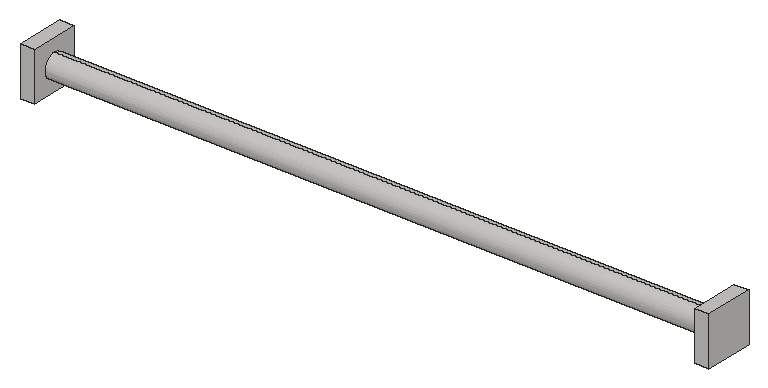
Revit family "RBA BIM - B6047", category Specialty Equipment, Revit 2013
Parameters (values of type "B-6047.36")
  URL = "www.rba.com.au"
  Type Comments = ""
  Shower Rod Length = 0.9144 m
  Radius = 0.015875 m
  Product Page URL = ""
  Product Name = "Classic Series Extra-Heavy-Duty Shower Curtain Rod"
  Mounting Height [instance] = 1.524 m
  Model = "B-6047"
  Manufacturer = "RBA Group"
  Finish Material = Stainless Steel-Bobrick
  Assembly Code = "C1030200"
Types (5, lengths in m): name | Shower Rod Length
  (no name) | 0.9144
  B-6047.36 | 0.9144
  B-6047.48 | 1.2192
  B-6047.60 | 1.524
  B-6047.72 | 1.8288
Reference planes (m)
  plane 1 "Center (Front/Back)": y = 0
  plane 2: z = 0
  plane 3 "Center (Left/Right)": x = 0
  plane 4: z = 1.524
  plane 5: x = -0.4572
  plane 6: x = 0.4572
  plane 7: y = 0.032544
  plane 8: y = -0.032544
  plane 9: x = -0.43815
  plane 10: z = 1.556544
  plane 11: z = 1.491456
  plane 12: x = 0.43815
Forms (m)
  Sweep 1, solid, material "Stainless Steel-Bobrick" <- "Finish Material"
    path origin (0, 0, 0) x (1, 0, 0) y (0, 0, 1)
      loop
        line (0.4572, 1.524) -> (-0.4572, 1.524)
    profile origin (0, 0, 1.524) x (0, 0, -1) y (0, -1, 0)
      loop
        circle (0, 0) r 0.015875
  Extrusion 2, solid, material "Stainless Steel-Bobrick" <- "Finish Material"
    sketch origin (0, 0, 0) x (0, 1, 0) y (0, 0, 1)
      loop
        line (0.032544, 1.556544) -> (-0.032544, 1.556544) -> (-0.032544, 1.491456) -> (0.032544, 1.491456) -> (0.032544, 1.556544)
    from 0.43815 to 0.4572
  Extrusion 3, solid, material "Stainless Steel-Bobrick" <- "Finish Material"
    sketch origin (0, 0, 0) x (0, 1, 0) y (0, 0, -1)
      loop
        line (0.032544, -1.556544) -> (0.032544, -1.491456) -> (-0.032544, -1.491456) -> (-0.032544, -1.556544) -> (0.032544, -1.556544)
    from 0.43815 to 0.4572
Cuts and joins
  joined: Sweep 1, Extrusion 2, Extrusion 3
Lines and regions (m)
  Masking region 1
    outline origin (0, 0, 0) x (0, 1, 0) y (0, 0, 1)
      loop
        circle (0, 1.524) r 0.015875
  Masking region 2
    outline origin (0, 0, 0) x (1, 0, 0) y (0, 0, 1)
      loop
        line (0.43815, 1.491456) -> (0.4572, 1.491456) -> (0.4572, 1.556544) -> (0.43815, 1.556544) -> (0.43815, 1.539875) -> (-0.43815, 1.539875) -> (-0.43815, 1.556544) -> (-0.4572, 1.556544) -> (-0.4572, 1.491456) -> (-0.43815, 1.491456) -> (-0.43815, 1.508125) -> (0.43815, 1.508125) -> (0.43815, 1.491456)
  symbolic lines, style "Shower Curtain Rod"
    curve 1: line (0.43815, 0, 1.539875) -> (0.43815, 0, 1.508125)
    curve 2: line (-0.43815, 0, 1.539875) -> (-0.43815, 0, 1.508125)
Dimensions and locks (m)
  "Mounting Height": level to plane 4
  equal spacing: plane 5, plane 3 "Center (Left/Right)", plane 6
  "Shower Rod Length": plane 5 to plane 6
  equal spacing: plane 8, plane 1 "Center (Front/Back)", plane 7
  locked: plane 8 to plane 7 at 0.065087
  equal spacing: plane 10, plane 4, plane 11
  locked: plane 9 to plane 5 at 0.01905
  locked: plane 12 to plane 6 at 0.01905
  locked: plane 10 to plane 11 at 0.065088
  "Radius": radius of Sweep 1 sketch curve
  aligned and locked: level to plane 2
  aligned and locked: Sweep 1 sketch curve to plane 4
  aligned and locked: plane 6 to Sweep 1 sketch curve
  aligned and locked: plane 5 to Sweep 1 sketch curve
  aligned and locked: plane 10 to Extrusion 2 sketch curve
  aligned and locked: plane 7 to Extrusion 2 sketch curve
  aligned and locked: plane 11 to Extrusion 2 sketch curve
  aligned and locked: plane 8 to Extrusion 2 sketch curve
  aligned and locked: Extrusion 2 to plane 6
  aligned and locked: plane 12 to Extrusion 2
  aligned and locked: Extrusion 3 to plane 5
  aligned and locked: plane 9 to Extrusion 3
  aligned and locked: plane 10 to Extrusion 3
  aligned and locked: plane 11 to Extrusion 3
  aligned and locked: Extrusion 3 sketch curve to plane 7
  aligned and locked: Extrusion 3 sketch curve to plane 8
  aligned and locked: Extrusion 3 sketch curve to plane 11
  aligned and locked: Extrusion 3 sketch curve to plane 10
  aligned and locked: plane 6 to Masking region 2 sketch curve
  aligned and locked: Masking region 2 sketch curve to plane 10  (x2)
  aligned and locked: Masking region 2 sketch curve to plane 12  (x2)
  aligned and locked: Masking region 2 sketch curve to plane 9  (x2)
  aligned and locked: plane 5 to Masking region 2 sketch curve
  aligned and locked: Masking region 2 sketch curve to plane 11
  aligned and locked: curve 1 to plane 12
  aligned and locked: Masking region 2 to curve 1
  aligned and locked: curve 1 to Masking region 2
  aligned and locked: plane 9 to curve 2
  aligned and locked: Masking region 2 to curve 2
  aligned and locked: curve 2 to Masking region 2
Automatic sketch dimensions
  Masking region 1 sketch curve to plane 1 "Center (Front/Back)" = 0.000 m
  Masking region 1 sketch curve to plane 4 = 0.000 m
  Masking region 2 sketch curve to plane 11 = 0.000 m
  Masking region 2 sketch curve to plane 4 = 0.015875 m
  plane 4 to Masking region 2 sketch curve = 0.015875 m
  Sweep 1 sketch curve to plane 1 "Center (Front/Back)" = 0.000 m
  Sweep 1 sketch curve to profile plane = 0.000 m
  radius of Masking region 1 sketch curve = 0.015875 m
